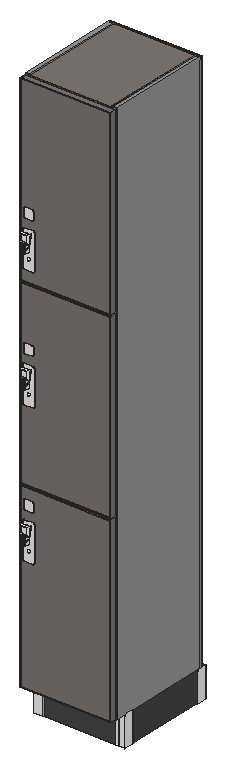
Revit family "Wood_Lockers_Hasps-Salsbury_Industries-43000_Series-1_Wide_Units.rfa", category Specialty Equipment, Revit 2016 (continued)
Definition of nested family "Premier Locker Doors_Hasp"
  Dimensions and locks (in)
    plane 48 to plane 30 "Center of Lock" to plane 47 = 0.188" locked, 0.188" locked
    locked: plane 46 "Top of Hole" to plane 49 "Bottom of Hole" at 1.25
    plane 49 "Bottom of Hole" to plane 50 "Stud Alignment" = 0.750"
    locked: plane 42 to plane 51 "Center of Handle" at 0.625
    plane 52 to plane 51 "Center of Handle" to plane 53 = 0.188" locked, 0.188" locked
    plane 7 "Front of Door" to plane 39 "Front of Knob" = 0.750"
    locked: plane 42 to plane 54 at 0.22204
    locked: plane 55 to plane 45 at 0.22204
    locked: plane 7 "Front of Door" to plane 56 "Front of Latch" at 0.625
    locked: plane 57 to plane 58 at 1
    locked: plane 46 "Top of Hole" to plane 57 at 0.1281
    equal spacing: plane 58, plane 59, plane 57
    locked: plane 60 to plane 5 "Right Side of Door" at 0.594
    locked: plane 57 to plane 61 at 0.0599
    locked: plane 62 to plane 58 at 0.06376
    plane 12 "Bottom of Number Tag" to plane 20 "Top of Lock" = 1.1875"
    aligned and locked: level to plane 2
    aligned and locked: Extrusion 5 to plane 11 "Top of Number Tag"
    aligned and locked: plane 12 "Bottom of Number Tag" to Extrusion 5
    aligned and locked: Extrusion 5 to plane 14 "Right Side of Number Tag"
    aligned and locked: Extrusion 5 to plane 13 "Left Side of Number Tag"
    aligned and locked: plane 29 "Back of Number Plate Inset" to Extrusion 5
    aligned and locked: plane 7 "Front of Door" to Extrusion 5
    aligned and locked: plane 29 "Back of Number Plate Inset" to Extrusion 6
    aligned and locked: plane 7 "Front of Door" to Extrusion 6
    aligned and locked: Extrusion 6 to plane 14 "Right Side of Number Tag"
    aligned and locked: Extrusion 6 to plane 13 "Left Side of Number Tag"
    aligned and locked: Extrusion 6 to plane 11 "Top of Number Tag"
    aligned and locked: plane 12 "Bottom of Number Tag" to Extrusion 6
    aligned and locked: curve 9 to Extrusion 8
    aligned and locked: curve 10 to Extrusion 8
    aligned and locked: curve 11 to Extrusion 8
    aligned and locked: Extrusion 7 to curve 12
    aligned and locked: curve 14 to Extrusion 7
    aligned and locked: curve 16 to plane 7 "Front of Door"
    aligned and locked: curve 19 to Extrusion 8  (x2)
    aligned and locked: curve 21 to Extrusion 8
    aligned and locked: curve 18 to curve 22
    aligned and locked: curve 22 to Extrusion 9  (x2)
    aligned and locked: curve 24 to Extrusion 9
    aligned and locked: curve 25 to Extrusion 10
    aligned and locked: curve 26 to Extrusion 10
    aligned and locked: curve 27 to Extrusion 10
    aligned and locked: plane 20 "Top of Lock" to Extrusion 11 sketch curve
    aligned and locked: Extrusion 11 sketch curve to plane 21 "Bottom of Lock"
    aligned and locked: Extrusion 11 to plane 29 "Back of Number Plate Inset"
    aligned and locked: plane 7 "Front of Door" to Extrusion 11
    aligned and locked: Extrusion 3 to Extrusion 11
    aligned and locked: plane 50 "Stud Alignment" to Sweep 14  (x2)
    aligned and locked: Extrusion 15 to plane 7 "Front of Door"
    aligned and locked: Extrusion 15 to plane 22 "Front of Hasp Stud"
    aligned and locked: plane 50 "Stud Alignment" to Extrusion 15
    aligned and locked: Blend 17 to plane 39 "Front of Knob"
    aligned and locked: plane 38 "Inner Knob" to Blend 17
    aligned and locked: plane 6 "Back of Door" to Extrusion 18 sketch curve
    aligned and locked: plane 56 "Front of Latch" to Extrusion 18 sketch curve
    aligned and locked: Extrusion 18 to plane 57
    aligned and locked: plane 58 to Extrusion 18
    aligned and locked: plane 59 to cut or joined group of Extrusion 18, Extrusion 19
    aligned and locked: plane 61 to Extrusion 13 sketch curve  (x2)
    aligned and locked: plane 62 to Extrusion 13 sketch curve  (x2)
  Automatic sketch dimensions
    Extrusion 1 sketch curve to plane 4 "Left Side of Door" = 0.031"
    plane 5 "Right Side of Door" to Extrusion 1 sketch curve = 0.031"
    level to Extrusion 1 sketch curve = 0.031"
    plane 9 "Top of Door" to Extrusion 1 sketch curve = 0.031"
    Extrusion 2 sketch curve to plane 4 "Left Side of Door" = 0.031"
    plane 5 "Right Side of Door" to Extrusion 2 sketch curve = 0.031"
    level to Extrusion 2 sketch curve = 0.031"
    plane 9 "Top of Door" to Extrusion 2 sketch curve = 0.031"
    Extrusion 3 sketch curve to plane 4 "Left Side of Door" = 0.031"
    plane 5 "Right Side of Door" to Extrusion 3 sketch curve = 0.031"
    level to Extrusion 3 sketch curve = 0.031"
    plane 9 "Top of Door" to Extrusion 3 sketch curve = 0.031"
    plane 23 "Left Side of Door-Right Side of Trim" to Sweep 4 sketch curve = 0.000"
    plane 24 "Right Side of Door-Left Side of Trim" to Sweep 4 sketch curve = 0.000"  (x2)
    Sweep 4 sketch curve to plane 26 "Bottom of Door-Top of Trim" = 0.000"
    Sweep 4 sketch curve to plane 25 "Top of Door-Bottom of Trim" = 0.000"
    profile plane to Sweep 4 sketch curve = 0.125"
    Sweep 4 sketch curve to Sweep 4 sketch curve = 0.031"
    Sweep 4 sketch curve to plane 1 "Center (Front/Back)" = 0.375"
    plane 1 "Center (Front/Back)" to Sweep 4 sketch curve = 0.375"
    Extrusion 7 sketch curve to plane 33 = 0.000"
    Extrusion 7 sketch curve to plane 34 = 0.000"
    plane 36 to Extrusion 8 sketch curve = 0.000"
    Extrusion 8 sketch curve to Extrusion 8 sketch curve = 0.500"
    plane 35 "Top Hinge" to Extrusion 8 sketch curve = 0.250"
    Extrusion 8 sketch curve to plane 35 "Top Hinge" = 0.250"
    plane 36 to Extrusion 9 sketch curve = 0.000"
    Extrusion 9 sketch curve to Extrusion 9 sketch curve = 0.500"
    plane 37 "Bottom Hinge" to Extrusion 9 sketch curve = 0.250"
    Extrusion 9 sketch curve to plane 37 "Bottom Hinge" = 0.250"
    plane 36 to Extrusion 10 sketch curve = 0.000"
    Extrusion 10 sketch curve to Extrusion 10 sketch curve = 0.500"
    curve 4 to level = 0.000"
    plane 4 "Left Side of Door" to curve 4 = 0.000"
    plane 5 "Right Side of Door" to curve 3 = 0.000"
    curve 3 to plane 9 "Top of Door" = 0.000"
    Extrusion 5 sketch curve to plane 13 "Left Side of Number Tag" = 0.000"
    Extrusion 5 sketch curve to plane 12 "Bottom of Number Tag" = 0.000"
    Extrusion 5 sketch curve to plane 11 "Top of Number Tag" = 0.000"
    Extrusion 5 sketch curve to plane 14 "Right Side of Number Tag" = 0.000"
    Extrusion 6 sketch curve to plane 13 "Left Side of Number Tag" = 0.000"
    Extrusion 6 sketch curve to plane 12 "Bottom of Number Tag" = 0.000"
    Extrusion 6 sketch curve to plane 11 "Top of Number Tag" = 0.000"
    Extrusion 6 sketch curve to plane 14 "Right Side of Number Tag" = 0.000"
    Extrusion 11 sketch curve to plane 13 "Left Side of Number Tag" = 0.125"
    Extrusion 10 sketch curve to plane 10 "Center of Door" = 0.250"
    plane 10 "Center of Door" to Extrusion 10 sketch curve = 0.250"
    Extrusion 11 sketch curve to plane 21 "Bottom of Lock" = 0.125"
    plane 13 "Left Side of Number Tag" to Extrusion 5 sketch curve = 0.14916"
    Extrusion 5 sketch curve to Extrusion 5 sketch curve = 0.14916"  (x2)
    plane 13 "Left Side of Number Tag" to Extrusion 6 sketch curve = 0.14916"
    Extrusion 6 sketch curve to plane 12 "Bottom of Number Tag" = 0.14916"
    plane 13 "Left Side of Number Tag" to Extrusion 11 sketch curve = 0.000"  (x2)
    Extrusion 5 sketch curve to plane 12 "Bottom of Number Tag" = 0.14916"
    Extrusion 6 sketch curve to plane 14 "Right Side of Number Tag" = 0.14916"  (x2)
    plane 14 "Right Side of Number Tag" to Extrusion 11 sketch curve = 0.000"  (x2)
    Extrusion 12 sketch curve to plane 17 "Left Side of Lock" = 0.000"
    plane 13 "Left Side of Number Tag" to Extrusion 12 sketch curve = 0.000"  (x2)
    plane 14 "Right Side of Number Tag" to Extrusion 12 sketch curve = 0.000"  (x2)
    Extrusion 12 sketch curve to plane 20 "Top of Lock" = 0.000"
    Extrusion 12 sketch curve to plane 18 "Right Side of Lock" = 0.000"
    Extrusion 12 sketch curve to plane 21 "Bottom of Lock" = 0.125"
    plane 15 "Horizontal Center of Number Tag" to Sweep 14 sketch curve = 0.000"
    Sweep 14 sketch curve to plane 50 "Stud Alignment" = 0.000"
    Sweep 14 sketch curve to plane 7 "Front of Door" = 0.000"
    Sweep 14 sketch curve to profile plane = 0.000"
    profile plane to Sweep 14 sketch curve = 0.00168"
    profile plane to Sweep 14 sketch curve = 0.156"
    Sweep 14 sketch curve to plane 7 "Front of Door" = 0.03275"
    Extrusion 15 sketch curve to Extrusion 15 sketch curve = 0.000"  (x2)
    Extrusion 15 sketch curve to plane 50 "Stud Alignment" = 0.000"
    plane 15 "Horizontal Center of Number Tag" to Extrusion 15 sketch curve = 0.000"
    plane 15 "Horizontal Center of Number Tag" to Extrusion 15 sketch curve = 0.010"
    plane 13 "Left Side of Number Tag" to Sweep 16 sketch curve = 0.000"
    plane 14 "Right Side of Number Tag" to Sweep 16 sketch curve = 0.000"
    Sweep 16 sketch curve to plane 45 = 0.000"
    Sweep 16 sketch curve to plane 42 = 0.000"
    Sweep 16 sketch curve to plane 7 "Front of Door" = 0.000"
    profile plane to Sweep 16 sketch curve = 0.000"
    profile plane to Sweep 16 sketch curve = 0.22043"
    Sweep 16 sketch curve to Sweep 16 sketch curve = 0.01681"
    profile plane to Sweep 16 sketch curve = 0.33926"
    Sweep 16 sketch curve to Sweep 16 sketch curve = 0.14344"
    Sweep 16 sketch curve to Sweep 16 sketch curve = 0.15329"
    Sweep 16 sketch curve to Sweep 16 sketch curve = 0.59563"
    Sweep 16 sketch curve to Sweep 16 sketch curve = 0.24142"
    Sweep 16 sketch curve to Sweep 16 sketch curve = 0.00858"
    Sweep 16 sketch curve to Sweep 16 sketch curve = 0.51788"
    Sweep 16 sketch curve to Sweep 16 sketch curve = 0.31119"
    Sweep 16 sketch curve to Sweep 16 sketch curve = 0.11721"
    Sweep 16 sketch curve to Sweep 16 sketch curve = 0.01742"
    Sweep 16 sketch curve to Sweep 16 sketch curve = 0.06553"
    Sweep 16 sketch curve to Sweep 16 sketch curve = 0.000"
    Blend 17 sketch curve to plane 54 = 0.000"
    Blend 17 sketch curve to plane 55 = 0.000"
    Blend 17 sketch curve to plane 47 = 0.21496"
    plane 48 to Blend 17 sketch curve = 0.21496"
    plane 54 to Blend 17 sketch curve = 0.03267"
    Blend 17 sketch curve to plane 40 = 0.00461"
    Blend 17 sketch curve to plane 47 = 0.18235"
    plane 48 to Blend 17 sketch curve = 0.18227"
    Extrusion 18 sketch curve to plane 57 = 0.000"
    Extrusion 18 sketch curve to plane 58 = 0.000"
    plane 59 to Extrusion 19 sketch curve = 0.000"
    Extrusion 19 sketch curve to plane 22 "Front of Hasp Stud" = 0.16637"
    curve 29 to plane 14 "Right Side of Number Tag" = 0.000"
    curve 29 to plane 20 "Top of Lock" = 0.000"
    curve 30 to plane 18 "Right Side of Lock" = 0.000"
    curve 29 to plane 13 "Left Side of Number Tag" = 0.000"
    curve 31 to plane 42 = 0.000"
    curve 32 to plane 21 "Bottom of Lock" = 0.125"
    curve 34 to plane 14 "Right Side of Number Tag" = 0.000"
    curve 35 to plane 13 "Left Side of Number Tag" = 0.000"
    plane 15 "Horizontal Center of Number Tag" to curve 37 = 0.000"
    plane 47 to curve 37 = 0.000"
    plane 57 to curve 37 = 0.0599"
    curve 39 to plane 58 = 0.0661"
    curve 42 to plane 14 "Right Side of Number Tag" = 0.000"
    curve 41 to plane 13 "Left Side of Number Tag" = 0.000"
    curve 41 to plane 45 = 0.000"
    curve 43 to plane 42 = 0.000"
    curve 46 to plane 57 = 0.000"
    curve 46 to plane 15 "Horizontal Center of Number Tag" = 0.063"
    plane 15 "Horizontal Center of Number Tag" to curve 45 = 0.063"
    curve 47 to plane 58 = 0.000"
    curve 15 to plane 6 "Back of Door" = 0.000"
    plane 9 "Top of Door" to curve 15 = 0.000"
    plane 57 to curve 49 = 0.000"
    curve 51 to plane 56 "Front of Latch" = 0.000"
    plane 58 to curve 51 = 0.000"
    curve 17 to level = 0.000"
    plane 59 to curve 52 = 0.000"
    curve 53 to plane 22 "Front of Hasp Stud" = 0.16637"
    plane 7 "Front of Door" to curve 53 = 0.04137"
    plane 53 to curve 54 = 0.05633"
    curve 54 to plane 22 "Front of Hasp Stud" = 0.11642"
    plane 55 to curve 55 = 0.00161"
    curve 55 to plane 40 = 0.00465"
    plane 45 to curve 56 = 0.000"
    curve 56 to plane 39 "Front of Knob" = 0.01788"
    curve 56 to plane 40 = 0.08926"
    plane 55 to curve 57 = 0.000"
    curve 57 to plane 40 = 0.03757"
    plane 39 "Front of Knob" to curve 57 = 0.004"
    plane 42 to curve 60 = 0.000"
    curve 58 to plane 39 "Front of Knob" = 0.000"
    plane 54 to curve 58 = 0.000"
    plane 54 to curve 59 = 0.000"
    plane 55 to curve 58 = 0.000"
    curve 60 to plane 39 "Front of Knob" = 0.01788"
    curve 60 to plane 52 = 0.09774"
    plane 54 to curve 60 = 0.03261"
    plane 56 "Front of Latch" to curve 59 = 0.02711"
    plane 54 to curve 59 = 0.06553"
    plane 39 "Front of Knob" to curve 59 = 0.004"
    curve 61 to plane 54 = 0.00161"
    curve 61 to plane 22 "Front of Hasp Stud" = 0.11642"
    plane 6 "Back of Door" to curve 9 = 0.000"
    curve 6 to plane 4 "Left Side of Door" = 0.000"
    plane 7 "Front of Door" to curve 6 = 0.000"
    plane 7 "Front of Door" to curve 28 = 0.000"
    curve 67 to plane 14 "Right Side of Number Tag" = 0.000"
    curve 65 to plane 13 "Left Side of Number Tag" = 0.000"
    curve 66 to plane 39 "Front of Knob" = 0.000"
    curve 28 to plane 17 "Left Side of Lock" = 0.000"
    curve 28 to plane 18 "Right Side of Lock" = 0.000"
    curve 8 to plane 5 "Right Side of Door" = 0.000"
    curve 64 to plane 22 "Front of Hasp Stud" = 0.11642"
    curve 69 to plane 22 "Front of Hasp Stud" = 0.11642"
    curve 68 to plane 39 "Front of Knob" = 0.01788"
    curve 65 to plane 39 "Front of Knob" = 0.01788"
    curve 14 to plane 23 "Left Side of Door-Right Side of Trim" = 0.07537"
    plane 48 to curve 64 = 0.21657"
    plane 48 to curve 65 = 0.09774"
    plane 48 to curve 63 = 0.05633"
    curve 70 to plane 47 = 0.05633"
    curve 68 to plane 47 = 0.09774"
    curve 69 to curve 69 = 0.16024"
    curve 64 to curve 65 = 0.15655"
    curve 69 to curve 68 = 0.15655"
    plane 39 "Front of Knob" to curve 67 = 0.004"
    plane 33 to curve 14 = 0.250"
    curve 66 to curve 65 = 0.11721"
    curve 67 to plane 47 = 0.14943"
    curve 68 to curve 66 = 0.11721"
    curve 67 to curve 66 = 0.000"
    plane 39 "Front of Knob" to curve 71 = 0.004"
    curve 71 to curve 66 = 0.000"
    plane 48 to curve 71 = 0.14943"
    plane 1 "Center (Front/Back)" to curve 73 = 0.000"
    curve 73 to plane 4 "Left Side of Door" = 0.000"
    curve 73 to plane 60 = 0.000"
    plane 48 to Extrusion 13 sketch curve = 0.000"
    plane 15 "Horizontal Center of Number Tag" to Extrusion 13 sketch curve = 0.000"
    radius of Extrusion 7 sketch curve = 0.250"
    radius of Sweep 14 sketch curve = 0.010"
    radius of Extrusion 19 sketch curve = 0.250"
Definition of nested family "Wood Locker Bases"
  Parameters (values of type "Base - 12" W x 15" D Lockers")
    Width = 12.000"
    Visible Base = yes
    Visible = no
    Model = "Base - 12\" W x 15\" D Lockers"
    Manufacturer = "Salsbury Industries"
    Height = 4.000"
    Depth = 13.250"
    Base Secondary Material = none
    Base Primary Materials = none
    Base Hardware = none
  Types (14): name | Width | Visible Base | Visible | Model | Depth
    (no name) | 12.000" | yes | no | "Base - 12\" W x 15\" D Lockers" | 13.250"
    Base - 12" W x 15" D Lockers | 12.000" | yes | no | "Base - 12\" W x 15\" D Lockers" | 13.250"
    Base - 12" W x 18" D Lockers | 12.000" | yes | no | "Base - 12\" W x 18\" D Lockers" | 16.250"
    Base - 12" W x 21" D Lockers | 12.000" | yes | no | "Base - 12\" W x 21\" D Lockers" | 19.250"
    Base - 36" W x 15" D Lockers | 36.000" | yes | yes | "Base - 36\" W x 15\" D Lockers" | 13.250"
    Base - 36" W x 18" D Lockers | 36.000" | yes | yes | "Base - 36\" W x 18\" D Lockers" | 16.250"
    Base - 36" W x 21" D Lockers | 36.000" | yes | yes | "Base - 36\" W x 21\" D Lockers" | 19.250"
    Base - 15" W x 18" D Lockers | 15.000" | yes | no | "Base - 15\" W x 18\" D Lockers" | 16.250"
    Base - 15" W x 21" D Lockers | 15.000" | yes | no | "Base - 15\" W x 21\" D Lockers" | 19.250"
    Base - 15" W x 24" D Lockers | 15.000" | yes | no | "Base - 15\" W x 24\" D Lockers" | 22.250"
    Base - 45" W x 18" D Lockers | 45.000" | yes | yes | "Base - 45\" W x 18\" D Lockers" | 16.250"
    Base - 45" W x 21" D Lockers | 45.000" | yes | yes | "Base - 45\" W x 21\" D Lockers" | 19.250"
    Base - 45" W x 24" D Lockers | 45.000" | yes | yes | "Base - 45\" W x 24\" D Lockers" | 22.250"
    None | 12.000" | no | no | "Base - 12\" W x 15\" D Lockers" | 13.250"
  Reference planes (in)
    plane 1 "Center (Front/Back)": y = 0
    plane 2: z = 0
    plane 3 "Center (Left/Right)": x = 0
    plane 4 "Left Edge": x = -6
    plane 5 "Right Edge": x = 6
    plane 6 "Back Edge": y = 6.625
    plane 7 "Front Edge": y = -6.625
    plane 8 "Bottom Edge": z = 0
    plane 9 "Top Edge": z = 4
    plane 10: x = -4.75
    plane 11: x = -4.102
    plane 12: y = 6.562
    plane 13: y = 5.8
    plane 14: x = -5.131
    plane 15: x = -5.256
    plane 16: x = -5.937
    plane 17: x = -5.175
    plane 18: y = 4.727
    plane 19: y = 5.375
    plane 20: y = 5.756
    plane 21: y = 5.881
    plane 22: x = -5.931
    plane 23: x = 5.931
    plane 24: y = 6.556
    plane 25: y = -6.556
    plane 26: y = 6.525
    plane 27: y = -6.525
    plane 28: x = -5.9
    plane 29: x = 5.9
    plane 30: x = -2.375
    plane 31: x = 2.375
  Forms (in)
    Extrusion 1, solid, material <- "Base Hardware", visible <- "Visible Base"
      sketch origin (0, 0, 0) x (1, 0, 0) y (0, 1, 0)
        loop
          arc (-5.96712, 6.625) -> (-5.99098, 6.61598) -> (-6, 6.59212) r 0.031
          line (-6, 6.59212) -> (-6, 5.4065)
          arc (-6, 5.4065) -> (-5.9685, 5.375) -> (-5.937, 5.4065) r 0.0315
          line (-5.937, 5.4065) -> (-5.937, 5.756) -> (-5.837, 5.756) -> (-5.837, 5.819) -> (-5.937, 5.819) -> (-5.937, 6.51465) -> (-5.256, 5.83365) -> (-5.256, 5.756) -> (-5.175, 5.756) -> (-5.175, 4.75833)
          arc (-5.175, 4.75833) -> (-5.14367, 4.727) -> (-5.11235, 4.75833) r 0.03133
          line (-5.11235, 4.75833) -> (-5.11235, 5.73703) -> (-4.13348, 5.73703)
          arc (-4.13348, 5.73703) -> (-4.102, 5.76852) -> (-4.13348, 5.8) r 0.03148
          line (-4.13348, 5.8) -> (-5.131, 5.8) -> (-5.131, 5.881) -> (-5.21422, 5.881) -> (-5.89522, 6.562) -> (-5.194, 6.562) -> (-5.194, 6.462) -> (-5.131, 6.462) -> (-5.131, 6.562) -> (-4.7814, 6.562)
          arc (-4.7814, 6.562) -> (-4.7499, 6.5935) -> (-4.7814, 6.625) r 0.0315
          line (-4.7814, 6.625) -> (-5.96712, 6.625)
      from 0 to 4
    Extrusion 2, solid, material <- "Base Hardware", visible <- "Visible Base"
      sketch origin (0, 0, 0) x (-1, 0, 0) y (0, -1, 0)
        loop
          line (-5.96712, -6.625) -> (-4.7814, -6.625)
          arc (-4.7814, -6.625) -> (-4.7499, -6.5935) -> (-4.7814, -6.562) r 0.0315
          line (-4.7814, -6.562) -> (-5.131, -6.562) -> (-5.131, -6.462) -> (-5.194, -6.462) -> (-5.194, -6.562) -> (-5.89522, -6.562) -> (-5.21422, -5.881) -> (-5.131, -5.881) -> (-5.131, -5.8) -> (-4.13348, -5.8)
          arc (-4.13348, -5.8) -> (-4.102, -5.76852) -> (-4.13348, -5.73703) r 0.03148
          line (-4.13348, -5.73703) -> (-5.11235, -5.73703) -> (-5.11235, -4.75833)
          arc (-5.11235, -4.75833) -> (-5.14367, -4.727) -> (-5.175, -4.75833) r 0.03133
          line (-5.175, -4.75833) -> (-5.175, -5.756) -> (-5.256, -5.756) -> (-5.256, -5.83365) -> (-5.937, -6.51465) -> (-5.937, -5.819) -> (-5.837, -5.819) -> (-5.837, -5.756) -> (-5.937, -5.756) -> (-5.937, -5.4065)
          arc (-5.937, -5.4065) -> (-5.9685, -5.375) -> (-6, -5.4065) r 0.0315
          line (-6, -5.4065) -> (-6, -6.59212)
          arc (-6, -6.59212) -> (-5.99098, -6.61598) -> (-5.96712, -6.625) r 0.031
      from 0 to 4
    Extrusion 3, solid, material <- "Base Hardware", visible <- "Visible Base"
      sketch origin (0, 0, 0) x (1, 0, 0) y (0, 1, 0)
        loop
          line (-5.96712, -6.625) -> (-4.7814, -6.625)
          arc (-4.7814, -6.625) -> (-4.7499, -6.5935) -> (-4.7814, -6.562) r 0.0315
          line (-4.7814, -6.562) -> (-5.131, -6.562) -> (-5.131, -6.462) -> (-5.194, -6.462) -> (-5.194, -6.562) -> (-5.89522, -6.562) -> (-5.21422, -5.881) -> (-5.131, -5.881) -> (-5.131, -5.8) -> (-4.13348, -5.8)
          arc (-4.13348, -5.8) -> (-4.102, -5.76852) -> (-4.13348, -5.73703) r 0.03148
          line (-4.13348, -5.73703) -> (-5.11235, -5.73703) -> (-5.11235, -4.75833)
          arc (-5.11235, -4.75833) -> (-5.14367, -4.727) -> (-5.175, -4.75833) r 0.03133
          line (-5.175, -4.75833) -> (-5.175, -5.756) -> (-5.256, -5.756) -> (-5.256, -5.83365) -> (-5.937, -6.51465) -> (-5.937, -5.819) -> (-5.837, -5.819) -> (-5.837, -5.756) -> (-5.937, -5.756) -> (-5.937, -5.4065)
          arc (-5.937, -5.4065) -> (-5.9685, -5.375) -> (-6, -5.4065) r 0.0315
          line (-6, -5.4065) -> (-6, -6.59212)
          arc (-6, -6.59212) -> (-5.99098, -6.61598) -> (-5.96712, -6.625) r 0.031
      from 0 to 4
    Extrusion 4, solid, material <- "Base Hardware", visible <- "Visible Base"
      sketch origin (0, 0, 0) x (-1, 0, 0) y (0, -1, 0)
        loop
          arc (-5.96712, 6.625) -> (-5.99098, 6.61598) -> (-6, 6.59212) r 0.031
          line (-6, 6.59212) -> (-6, 5.4065)
          arc (-6, 5.4065) -> (-5.9685, 5.375) -> (-5.937, 5.4065) r 0.0315
          line (-5.937, 5.4065) -> (-5.937, 5.756) -> (-5.837, 5.756) -> (-5.837, 5.819) -> (-5.937, 5.819) -> (-5.937, 6.51465) -> (-5.256, 5.83365) -> (-5.256, 5.756) -> (-5.175, 5.756) -> (-5.175, 4.75833)
          arc (-5.175, 4.75833) -> (-5.14367, 4.727) -> (-5.11235, 4.75833) r 0.03133
          line (-5.11235, 4.75833) -> (-5.11235, 5.73703) -> (-4.13348, 5.73703)
          arc (-4.13348, 5.73703) -> (-4.102, 5.76852) -> (-4.13348, 5.8) r 0.03148
          line (-4.13348, 5.8) -> (-5.131, 5.8) -> (-5.131, 5.881) -> (-5.21422, 5.881) -> (-5.89522, 6.562) -> (-5.194, 6.562) -> (-5.194, 6.462) -> (-5.131, 6.462) -> (-5.131, 6.562) -> (-4.7814, 6.562)
          arc (-4.7814, 6.562) -> (-4.7499, 6.5935) -> (-4.7814, 6.625) r 0.0315
          line (-4.7814, 6.625) -> (-5.96712, 6.625)
      from 0 to 4
    Extrusion 5, solid, material <- "Base Secondary Material", visible <- "Visible Base"
      sketch origin (0, 0, 0) x (0, -1, 0) y (1, 0, 0)
        loop
          line (-5.756, 5.9) -> (-5.756, 5.181) -> (5.75697, 5.181) -> (5.75697, 5.9) -> (-5.756, 5.9)
      from 0 to 4
    Extrusion 6, solid, material <- "Base Secondary Material", visible <- "Visible Base"
      sketch origin (0, 0, 0) x (0, -1, 0) y (1, 0, 0)
        loop
          line (-5.756, -5.9) -> (5.75697, -5.9) -> (5.75697, -5.181) -> (-5.756, -5.181) -> (-5.756, -5.9)
      from 0 to 4
    Extrusion 7, solid, material <- "Base Secondary Material", visible <- "Visible Base"
      sketch origin (-2.05521, 0.625, 0) x (1, 0, 0) y (0, 1, 0)
        loop
          line (-3.07579, 5.9) -> (-3.07579, 5.181) -> (7.18621, 5.181) -> (7.18621, 5.9) -> (-3.07579, 5.9)
      from 0 to 4
    Extrusion 8, solid, material <- "Base Secondary Material", visible <- "Visible Base"
      sketch origin (-2.05521, -0.625, 0) x (1, 0, 0) y (0, 1, 0)
        loop
          line (-3.07579, -5.9) -> (7.18621, -5.9) -> (7.18621, -5.181) -> (-3.07579, -5.181) -> (-3.07579, -5.9)
      from 0 to 4
    Extrusion 9, solid, material <- "Base Primary Materials", visible <- "Visible Base"
      sketch origin (0.76452, 0, 0) x (0, -1, 0) y (1, 0, 0)
        loop
          line (-5.756, 5.16648) -> (-5.756, 5.13548) -> (5.75697, 5.13548) -> (5.75697, 5.16648) -> (-5.756, 5.16648)
      from 0 to 4
    Extrusion 10, solid, material <- "Base Primary Materials", visible <- "Visible Base"
      sketch origin (-0.719, 0, 0) x (0, -1, 0) y (1, 0, 0)
        loop
          line (-5.756, -5.212) -> (5.75697, -5.212) -> (5.75697, -5.181) -> (-5.756, -5.181) -> (-5.756, -5.212)
      from 0 to 4
    Extrusion 11, solid, material <- "Base Primary Materials", visible <- "Visible Base"
      sketch origin (-2.05521, 1.344, 0) x (1, 0, 0) y (0, 1, 0)
        loop
          line (-3.07579, 5.218) -> (-3.07579, 5.181) -> (7.18621, 5.181) -> (7.18621, 5.218) -> (-3.07579, 5.218)
      from 0 to 4
    Extrusion 12, solid, material <- "Base Primary Materials", visible <- "Visible Base"
      sketch origin (-2.05521, -1.344, 0) x (1, 0, 0) y (0, 1, 0)
        loop
          line (-3.07579, -5.212) -> (7.18621, -5.212) -> (7.18621, -5.181) -> (-3.07579, -5.181) -> (-3.07579, -5.212)
      from 0 to 4
    Extrusion 13, solid, material <- "Base Secondary Material", visible <- "Visible"
      sketch origin (0, 0, 4) x (0, -1, 0) y (1, 0, 0)
        loop
          line (-5.806, -2.375) -> (5.806, -2.375) -> (5.806, 2.375) -> (-5.806, 2.375) -> (-5.806, -2.375)
      from 0 to -0.75
    Extrusion 14, solid, material <- "Base Secondary Material", visible <- "Visible"
      sketch origin (0, 0, 0) x (0, -1, 0) y (1, 0, 0)
        loop
          line (-5.806, -2.375) -> (-5.056, -2.375) -> (-5.056, 2.375) -> (-5.806, 2.375) -> (-5.806, -2.375)
      from 0 to 3.25
    Extrusion 15, solid, material <- "Base Secondary Material", visible <- "Visible"
      sketch origin (0, 0, 0) x (0, 1, 0) y (-1, 0, 0)
        loop
          line (-5.806, 2.375) -> (-5.806, -2.375) -> (-5.056, -2.375) -> (-5.056, 2.375) -> (-5.806, 2.375)
      from 0 to 3.25
  Dimensions and locks (in)
    equal spacing: plane 4 "Left Edge", plane 3 "Center (Left/Right)", plane 5 "Right Edge"
    "Width": plane 4 "Left Edge" to plane 5 "Right Edge"
    equal spacing: plane 7 "Front Edge", plane 1 "Center (Front/Back)", plane 6 "Back Edge"
    "Depth": plane 7 "Front Edge" to plane 6 "Back Edge"
    "Height": plane 9 "Top Edge" to plane 8 "Bottom Edge"
    locked: plane 4 "Left Edge" to plane 10 at 1.25
    locked: plane 4 "Left Edge" to plane 11 at 1.898
    locked: plane 12 to plane 6 "Back Edge" at 0.063
    plane 14 to plane 10 = 0.381"
    locked: plane 12 to plane 13 at 0.762
    locked: plane 4 "Left Edge" to plane 16 at 0.063
    locked: plane 16 to plane 17 at 0.762
    locked: plane 19 to plane 6 "Back Edge" at 1.25
    locked: plane 18 to plane 6 "Back Edge" at 1.898
    plane 15 to plane 17 = 0.081"
    plane 21 to plane 13 = 0.081"
    plane 19 to plane 20 = 0.381"
    plane 24 to plane 6 "Back Edge" = 0.069"
    plane 7 "Front Edge" to plane 25 = 0.069"
    plane 23 to plane 5 "Right Edge" = 0.069"
    plane 4 "Left Edge" to plane 22 = 0.069"
    plane 26 to plane 24 = 0.031"
    plane 25 to plane 27 = 0.031"
    plane 22 to plane 28 = 0.031"
    plane 29 to plane 23 = 0.031"
    plane 30 to plane 3 "Center (Left/Right)" to plane 31 = 2.375" locked, 2.375" locked
    aligned and locked: level to plane 2
    aligned and locked: plane 30 to Extrusion 13
    aligned and locked: plane 30 to Extrusion 14
    aligned and locked: plane 30 to Extrusion 15
    aligned and locked: Extrusion 13 to plane 31
    aligned and locked: Extrusion 14 to plane 31
    aligned and locked: Extrusion 15 to plane 31
  Automatic sketch dimensions
    Extrusion 1 sketch curve to plane 4 "Left Edge" = 0.000"
    plane 6 "Back Edge" to Extrusion 1 sketch curve = 0.000"
    Extrusion 1 sketch curve to plane 16 = 0.000"  (x2)
    Extrusion 1 sketch curve to plane 12 = 0.000"  (x2)
    plane 20 to Extrusion 1 sketch curve = 0.000"  (x2)
    Extrusion 1 sketch curve to plane 15 = 0.000"
    plane 21 to Extrusion 1 sketch curve = 0.000"
    Extrusion 1 sketch curve to plane 17 = 0.000"
    Extrusion 1 sketch curve to plane 14 = 0.000"  (x2)
    Extrusion 1 sketch curve to plane 13 = 0.000"
    Extrusion 1 sketch curve to plane 4 "Left Edge" = 0.03094"
    plane 16 to Extrusion 1 sketch curve = 0.03012"
    Extrusion 1 sketch curve to plane 28 = 0.00478"
    Extrusion 1 sketch curve to plane 28 = 0.063"
    plane 17 to Extrusion 1 sketch curve = 0.03922"
    plane 17 to Extrusion 1 sketch curve = 0.019"
    plane 14 to Extrusion 1 sketch curve = 0.01267"
    plane 10 to Extrusion 1 sketch curve = 0.0314"
    plane 11 to Extrusion 1 sketch curve = 0.03148"
    plane 20 to Extrusion 1 sketch curve = 0.01897"
    Extrusion 1 sketch curve to plane 19 = 0.0315"
    Extrusion 1 sketch curve to plane 18 = 0.03133"
    plane 13 to Extrusion 1 sketch curve = 0.019"
    plane 13 to Extrusion 1 sketch curve = 0.03365"
    plane 26 to Extrusion 1 sketch curve = 0.063"
    plane 26 to Extrusion 1 sketch curve = 0.01035"
    plane 12 to Extrusion 1 sketch curve = 0.03012"
    Extrusion 2 sketch curve to plane 5 "Right Edge" = 0.000"
    plane 6 "Back Edge" to Extrusion 2 sketch curve = 0.000"
    plane 20 to Extrusion 2 sketch curve = 0.000"  (x2)
    plane 12 to Extrusion 2 sketch curve = 0.000"  (x2)
    plane 21 to Extrusion 2 sketch curve = 0.000"
    plane 13 to Extrusion 2 sketch curve = 0.000"
    Extrusion 2 sketch curve to plane 5 "Right Edge" = 0.03094"
    Extrusion 2 sketch curve to Extrusion 2 sketch curve = 0.0315"
    Extrusion 2 sketch curve to Extrusion 2 sketch curve = 0.00194"
    plane 23 to Extrusion 2 sketch curve = 0.006"
    Extrusion 2 sketch curve to plane 29 = 0.00478"
    Extrusion 2 sketch curve to plane 29 = 0.063"
    Extrusion 2 sketch curve to plane 13 = 0.03365"
    Extrusion 2 sketch curve to Extrusion 2 sketch curve = 0.581"
    Extrusion 2 sketch curve to Extrusion 2 sketch curve = 0.04178"
    Extrusion 2 sketch curve to plane 26 = 0.063"
    Extrusion 2 sketch curve to Extrusion 2 sketch curve = 0.02022"
    plane 18 to Extrusion 2 sketch curve = 0.03133"
    Extrusion 2 sketch curve to plane 29 = 0.725"
    Extrusion 2 sketch curve to Extrusion 2 sketch curve = 0.03133"
    Extrusion 2 sketch curve to Extrusion 2 sketch curve = 0.063"
    Extrusion 2 sketch curve to Extrusion 2 sketch curve = 0.08322"
    Extrusion 2 sketch curve to Extrusion 2 sketch curve = 0.3496"
    Extrusion 2 sketch curve to Extrusion 2 sketch curve = 0.97886"
    plane 19 to Extrusion 2 sketch curve = 0.0315"
    Extrusion 2 sketch curve to plane 20 = 0.01897"
    Extrusion 2 sketch curve to plane 13 = 0.019"
    Extrusion 2 sketch curve to plane 26 = 0.01035"
    Extrusion 2 sketch curve to plane 12 = 0.03012"
    Extrusion 3 sketch curve to plane 4 "Left Edge" = 0.000"
    plane 7 "Front Edge" to Extrusion 3 sketch curve = 0.000"
    Extrusion 3 sketch curve to plane 16 = 0.000"  (x2)
    Extrusion 3 sketch curve to plane 15 = 0.000"
    Extrusion 3 sketch curve to plane 17 = 0.000"
    Extrusion 3 sketch curve to plane 14 = 0.000"  (x2)
    plane 4 "Left Edge" to Extrusion 3 sketch curve = 0.03094"
    Extrusion 3 sketch curve to plane 16 = 0.03012"
    plane 28 to Extrusion 3 sketch curve = 0.00478"
    plane 28 to Extrusion 3 sketch curve = 0.063"
    Extrusion 3 sketch curve to plane 17 = 0.03922"
    Extrusion 3 sketch curve to plane 17 = 0.019"
    Extrusion 3 sketch curve to plane 14 = 0.01267"
    Extrusion 3 sketch curve to plane 25 = 0.006"  (x2)
    Extrusion 3 sketch curve to plane 10 = 0.0314"
    Extrusion 3 sketch curve to plane 11 = 0.03148"
    plane 27 to Extrusion 3 sketch curve = 0.01035"
    plane 27 to Extrusion 3 sketch curve = 0.063"
    Extrusion 3 sketch curve to Extrusion 3 sketch curve = 0.581"
    Extrusion 3 sketch curve to Extrusion 3 sketch curve = 0.04735"
    Extrusion 3 sketch curve to Extrusion 3 sketch curve = 0.01465"
    Extrusion 3 sketch curve to Extrusion 3 sketch curve = 0.081"
    Extrusion 3 sketch curve to Extrusion 3 sketch curve = 0.03148"
    Extrusion 3 sketch curve to Extrusion 3 sketch curve = 0.044"
    Extrusion 3 sketch curve to Extrusion 3 sketch curve = 0.063"
    Extrusion 3 sketch curve to Extrusion 3 sketch curve = 0.3495"
    Extrusion 3 sketch curve to Extrusion 3 sketch curve = 0.97871"
    plane 7 "Front Edge" to Extrusion 3 sketch curve = 0.03288"
    Extrusion 4 sketch curve to plane 5 "Right Edge" = 0.000"
    plane 7 "Front Edge" to Extrusion 4 sketch curve = 0.000"
    plane 5 "Right Edge" to Extrusion 4 sketch curve = 0.03094"
    Extrusion 4 sketch curve to Extrusion 4 sketch curve = 0.0315"
    Extrusion 4 sketch curve to Extrusion 4 sketch curve = 0.00194"
    Extrusion 4 sketch curve to plane 23 = 0.006"
    plane 29 to Extrusion 4 sketch curve = 0.00478"
    plane 29 to Extrusion 4 sketch curve = 0.063"
    Extrusion 4 sketch curve to Extrusion 4 sketch curve = 0.581"
    Extrusion 4 sketch curve to Extrusion 4 sketch curve = 0.04178"
    Extrusion 4 sketch curve to plane 27 = 0.063"
    Extrusion 4 sketch curve to Extrusion 4 sketch curve = 0.02022"
    plane 29 to Extrusion 4 sketch curve = 0.725"
    Extrusion 4 sketch curve to Extrusion 4 sketch curve = 0.03133"
    Extrusion 4 sketch curve to Extrusion 4 sketch curve = 0.063"  (x2)
    Extrusion 4 sketch curve to Extrusion 4 sketch curve = 0.08322"
    plane 25 to Extrusion 4 sketch curve = 0.006"  (x2)
    Extrusion 4 sketch curve to Extrusion 4 sketch curve = 0.3496"
    Extrusion 4 sketch curve to plane 27 = 0.725"
    Extrusion 4 sketch curve to Extrusion 4 sketch curve = 0.97886"
    Extrusion 4 sketch curve to Extrusion 4 sketch curve = 0.03148"
    Extrusion 4 sketch curve to Extrusion 4 sketch curve = 0.044"
    Extrusion 4 sketch curve to Extrusion 4 sketch curve = 0.000"
    Extrusion 4 sketch curve to Extrusion 4 sketch curve = 0.3495"
    Extrusion 4 sketch curve to Extrusion 4 sketch curve = 0.97871"
    Extrusion 4 sketch curve to Extrusion 4 sketch curve = 0.07765"
    Extrusion 4 sketch curve to Extrusion 4 sketch curve = 0.081"
    Extrusion 4 sketch curve to plane 27 = 0.01035"
    Extrusion 4 sketch curve to plane 7 "Front Edge" = 0.03288"
    plane 20 to Extrusion 5 sketch curve = 0.000"
    Extrusion 5 sketch curve to plane 29 = 0.000"
    Extrusion 5 sketch curve to plane 27 = 0.76803"
    plane 29 to Extrusion 5 sketch curve = 0.719"
    plane 20 to Extrusion 6 sketch curve = 0.000"
    Extrusion 6 sketch curve to plane 28 = 0.000"
    plane 27 to Extrusion 6 sketch curve = 0.76803"
    Extrusion 6 sketch curve to plane 17 = 0.006"
    Extrusion 7 sketch curve to plane 14 = 0.000"
    plane 26 to Extrusion 7 sketch curve = 0.000"
    plane 29 to Extrusion 7 sketch curve = 0.769"
    plane 13 to Extrusion 7 sketch curve = 0.006"
    Extrusion 8 sketch curve to plane 14 = 0.000"
    plane 27 to Extrusion 8 sketch curve = 0.000"
    Extrusion 8 sketch curve to plane 29 = 0.769"
    plane 27 to Extrusion 8 sketch curve = 0.719"
    plane 20 to Extrusion 9 sketch curve = 0.000"
    Extrusion 9 sketch curve to plane 23 = 0.000"
    Extrusion 9 sketch curve to plane 29 = 0.000"
    Extrusion 9 sketch curve to plane 27 = 0.76803"
    plane 20 to Extrusion 10 sketch curve = 0.000"
    Extrusion 10 sketch curve to plane 22 = 0.000"
    Extrusion 10 sketch curve to plane 28 = 0.000"
    plane 27 to Extrusion 10 sketch curve = 0.76803"
    Extrusion 11 sketch curve to plane 14 = 0.000"
    plane 12 to Extrusion 11 sketch curve = 0.000"
    plane 26 to Extrusion 11 sketch curve = 0.000"
    plane 29 to Extrusion 11 sketch curve = 0.769"
    Extrusion 12 sketch curve to plane 14 = 0.000"
    plane 25 to Extrusion 12 sketch curve = 0.000"
    plane 27 to Extrusion 12 sketch curve = 0.000"
    Extrusion 12 sketch curve to plane 29 = 0.769"
    plane 13 to Extrusion 13 sketch curve = 0.006"
    Extrusion 13 sketch curve to plane 27 = 0.719"
    Extrusion 13 sketch curve to plane 11 = 1.727"
    plane 3 "Center (Left/Right)" to Extrusion 13 sketch curve = 2.375"
    plane 13 to Extrusion 14 sketch curve = 0.006"
    plane 19 to Extrusion 14 sketch curve = 0.319"
    Extrusion 14 sketch curve to plane 11 = 1.727"
    plane 3 "Center (Left/Right)" to Extrusion 14 sketch curve = 2.375"
    plane 27 to Extrusion 15 sketch curve = 0.719"
    Extrusion 15 sketch curve to Extrusion 15 sketch curve = 0.750"
    plane 11 to Extrusion 15 sketch curve = 1.727"
    Extrusion 15 sketch curve to plane 3 "Center (Left/Right)" = 2.375"
Definition of nested family "Wood Locker Sloping Hoods"
  Parameters (values of type "44359 - for 15" Deep Lockers (3 Wide)")
    Width = 36.000"
    Visible = yes
    Version = "1.0 (12/15/23)"
    Type Comments = "Sloping Hood for Premier Wood Lockers"
    Model = "44359"
    Manufacturer = "Salsbury Industries"
    Laminate Surface = none
    Height = 5.743"
    Description = "For 15\" D - 3 Wide Lockers"
    Depth = 14.625"
  Types (20): name | Width | Visible | Version | Type Comments | Model | Manufacturer | Height | Description | Depth
    (no name) | 36.000" | yes | "1.0 (12/15/23)" | "Sloping Hood for Premier Wood Lockers" | "44359" | "Salsbury Industries" | 5.743" | "For 15\" D - 3 Wide Lockers" | 14.625"
    44357 - for 15" Deep Lockers (1 Wide) | 12.000" | yes | "1.0 (12/15/23)" | "Sloping Hood for Premier Wood Lockers" | "44357" | "Salsbury Industries" | 5.743" | "For 15\" D - 1 Wide Lockers" | 14.625"
    44353 - for 18" Deep Lockers (1 Wide) | 12.000" | yes | "1.0 (12/15/23)" | "Sloping Hood for Premier Wood Lockers" | "44353" | "Salsbury Industries" | 6.868" | "For 18\" D - 1 Wide Lockers" | 17.625"
    44352 - for 21" Deep Lockers (1 Wide) | 12.000" | yes | "1.0 (12/15/23)" | "Sloping Hood for Premier Wood Lockers" | "44352" | "Salsbury Industries" | 7.993" | "For 21\" D - 1 Wide Lockers" | 20.625"
    44359 - for 15" Deep Lockers (3 Wide) | 36.000" | yes | "1.0 (12/15/23)" | "Sloping Hood for Premier Wood Lockers" | "44359" | "Salsbury Industries" | 5.743" | "For 15\" D - 3 Wide Lockers" | 14.625"
    44356 - for 18" Deep Lockers (3 Wide) | 36.000" | yes | "1.0 (12/15/23)" | "Sloping Hood for Premier Wood Lockers" | "44356" | "Salsbury Industries" | 6.868" | "For 18\" D - 3 Wide Lockers" | 17.625"
    44354 - for 21" Deep Lockers (3 Wide) | 36.000" | yes | "1.0 (12/15/23)" | "Sloping Hood for Premier Wood Lockers" | "44354" | "Salsbury Industries" | 7.993" | "For 21\" D - 3 Wide Lockers" | 20.625"
    44255 - for 24" Deep Lockers (1 Wide) | 15.000" | yes | "1.0 (12/15/23)" | "Sloping Hood for Premier Wood Lockers" | "44255" | "Salsbury Industries" | 9.118" | "For 24\" D - 1 Wood Lockers" | 23.625"
    442257 - for 24" Deep Lockers (3 Wide) | 45.000" | yes | "1.0 (12/15/23)" | "Sloping Hood for Premier Wod Lockers" | "44257" | "Salsbury Industries" | 9.118" | "For 24\" D - 3 Wide Lockers" | 23.625"
    44252 - for 21" Deep Lockers (1 Wide) | 15.000" | yes | "1.0 (12/15/23)" | "Sloping Hood for 15\" Wide Premier Wood Lockers" | "44252" | "Salsbury Industries" | 7.993" | "For 21\" D - 1 Wide Lockers" | 20.625"
    44254 - for 21" Deep Lockers (3 Wide) | 45.000" | yes | "1.0 (12/15/23)" | "Sloping Hood for 15\" Wide Premier Wood Lockers" | "44254" | "Salsbury Industries" | 7.993" | "For 21\" D - 3 Wide Lockers" | 20.625"
    44251 - for 18" Deep Lockers (1 Wide) | 15.000" | yes | "1.0 (12/15/23)" | "Sloping Hood for 15\"Wide Premier Wood Lockers" | "44251" | "Salsbury Industries" | 6.868" | "For 18\" D - 1 Wide Lockers" | 17.625"
    44253 - for 18" Deep Lockers (3 Wide) | 45.000" | yes | "1.0 (12/15/23)" | "Sloping Hood for 15\" Wide Premier Wood Lockers" | "44253" | "Salsbury Industries" | 6.868" | "For 18\" D - 3 Wide Lockers" | 17.625"
    None | 12.000" | no | "" | "" | "" | "" | 5.743" | "" | 14.625"
    44818 - for 18" Deep Lockers (1 Wide) | 18.000" | yes | "1.0 (12/15/23)" | "Sloping Hood for Premier Wood Lockers" | "44818" | "Salsbury Industries" | 6.868" | "For 18\" D - 1 Wide Lockers" | 17.625"
    44811- for 21" Deep Lockers (1 Wide) | 18.000" | yes | "1.0 (12/15/23)" | "Sloping Hood for Premier Wood Lockers" | "44811" | "Salsbury Industries" | 7.993" | "For 21\" D - 1 Wide Lockers" | 20.625"
    44814- for 24" Deep Lockers (1 Wide) | 18.000" | yes | "1.0 (12/15/23)" | "Sloping Hood for Premier Wood Lockers" | "44814" | "Salsbury Industries" | 9.118" | "For 24\" D - 1 Wide Lockers" | 23.625"
    44838- for 18" Deep Lockers (3 Wide) | 54.000" | yes | "1.0 (12/15/23)" | "Sloping Hood for Premier Wood Lockers" | "44838" | "Salsbury Industries" | 6.868" | "For 18\" D - 3 Wide Lockers" | 17.625"
    44831- for 21" Deep Lockers (3 Wide) | 54.000" | yes | "1.0 (12/15/23)" | "Sloping Hood for Premier Wood Lockers" | "44831" | "Salsbury Industries" | 7.993" | "For 21\" D - 3 Wide Lockers" | 20.625"
    44834- for 24" Deep Lockers (3 Wide) | 54.000" | yes | "1.0 (12/15/23)" | "Sloping Hood for Premier Wood Lockers" | "834" | "Salsbury Industries" | 9.118" | "For 24\" D - 3 Wide Lockers" | 23.625"
  Reference planes (in)
    plane 1 "Center (Front/Back)": y = 0
    plane 2: z = 0
    plane 3 "Center (Left/Right)": x = 0
    plane 4 "Front of Hood": y = -7.3125
    plane 5 "Back of Hood": y = 7.3125
    plane 6 "Right Side of Hood": x = 18
    plane 7 "Left Side of Hood": x = -18
    plane 8 "Bottom of Hood": z = 0
    plane 9 "Top of Hood": z = 5.743
    plane 10: x = 17.25
    plane 11: x = -17.25
    plane 12: y = -7.2815
    plane 13: y = -6.5625
    plane 14: z = 5.712
    plane 15: z = 4.993
    plane 16: z = 0.062
    plane 17: z = 0.75
  Forms (in)
    Extrusion 1, solid, visible <- "Visible"
      sketch origin (18, 0.37227, 0) x (0, -1, 0) y (0, 0, 1)
        loop
          line (-0.25, 2.38027) -> (-0.25, 0) -> (0.37227, 0) -> (0.37227, 2.13726) -> (-0.25, 2.38027)
      from 0 to 36
    Extrusion 2, solid, visible <- "Visible"
      sketch origin (0, 0, 0) x (0, 1, 0) y (0, 0, 1)
        loop
          line (-5.47273, 0) -> (7.3125, 4.993) -> (7.3125, 5.712) -> (-7.23269, 0.062) -> (-7.2815, 0.062) -> (-7.2815, 0) -> (-5.47273, 0)
      from -18 to 18
    Extrusion 3, solid, material <- "Laminate Surface", visible <- "Visible"
      sketch origin (0, 0, 0) x (0, 1, 0) y (0, 0, 1)
        loop
          line (-7.3125, 0.062) -> (-7.3125, 0) -> (-7.2815, 0) -> (-7.2815, 0.062) -> (-7.3125, 0.062)
      from -18 to 18
    Extrusion 4, solid, material <- "Laminate Surface", visible <- "Visible"
      sketch origin (0, 0, 0) x (0, 1, 0) y (0, 0, 1)
        loop
          line (7.3125, 5.743) -> (-7.3125, 0.062) -> (-7.23269, 0.062) -> (7.3125, 5.712) -> (7.3125, 5.743)
      from -18 to 18
  Dimensions and locks (in)
    equal spacing: plane 7 "Left Side of Hood", plane 3 "Center (Left/Right)", plane 6 "Right Side of Hood"
    "Width": plane 7 "Left Side of Hood" to plane 6 "Right Side of Hood"
    equal spacing: plane 4 "Front of Hood", plane 1 "Center (Front/Back)", plane 5 "Back of Hood"
    "Depth": plane 4 "Front of Hood" to plane 5 "Back of Hood"
    "Height": plane 9 "Top of Hood" to plane 8 "Bottom of Hood"
    plane 7 "Left Side of Hood" to plane 11 = 0.750"
    plane 10 to plane 6 "Right Side of Hood" = 0.750"
    plane 4 "Front of Hood" to plane 12 to plane 13 = 0.031" locked, 0.719" locked
    plane 15 to plane 14 to plane 9 "Top of Hood" = 0.719" locked, 0.031" locked
    locked: plane 16 to plane 8 "Bottom of Hood" at 0.062
    locked: plane 17 to plane 8 "Bottom of Hood" at 0.75
    aligned and locked: level to plane 2
    aligned and locked: Extrusion 2 to plane 6 "Right Side of Hood"
    aligned and locked: plane 7 "Left Side of Hood" to Extrusion 2
    aligned and locked: plane 7 "Left Side of Hood" to Extrusion 4
    aligned and locked: Extrusion 4 to plane 6 "Right Side of Hood"
    aligned and locked: Extrusion 3 to plane 6 "Right Side of Hood"
    aligned and locked: plane 7 "Left Side of Hood" to Extrusion 3
    aligned and locked: Extrusion 2 to Extrusion 1 sketch curve
    aligned and locked: plane 7 "Left Side of Hood" to Extrusion 1
    aligned and locked: Extrusion 1 to plane 6 "Right Side of Hood"
  Automatic sketch dimensions
    Extrusion 3 sketch curve to level = 0.000"
    Extrusion 3 sketch curve to plane 4 "Front of Hood" = 0.000"
    Extrusion 3 sketch curve to plane 12 = 0.000"
    plane 16 to Extrusion 3 sketch curve = 0.000"
    Extrusion 4 sketch curve to plane 4 "Front of Hood" = 0.000"
    plane 16 to Extrusion 4 sketch curve = 0.000"
    Extrusion 4 sketch curve to plane 5 "Back of Hood" = 0.000"
    plane 14 to Extrusion 4 sketch curve = 0.000"
    plane 9 "Top of Hood" to Extrusion 4 sketch curve = 0.000"
    Extrusion 4 sketch curve to plane 12 = 0.04881"
    Extrusion 2 sketch curve to level = 0.000"
    Extrusion 2 sketch curve to plane 12 = 0.000"
    plane 16 to Extrusion 2 sketch curve = 0.000"
    Extrusion 2 sketch curve to plane 5 "Back of Hood" = 0.000"
    plane 15 to Extrusion 2 sketch curve = 0.000"
    plane 14 to Extrusion 2 sketch curve = 0.000"
    Extrusion 2 sketch curve to plane 13 = 1.08977"
    Extrusion 2 sketch curve to plane 12 = 0.04881"
    Extrusion 1 sketch curve to level = 0.000"
    Extrusion 1 sketch curve to plane 1 "Center (Front/Back)" = 0.000"
    Extrusion 1 sketch curve to Extrusion 1 sketch curve = 0.24302"
Definition of nested family "Wood Locker Sloping Corner Fillers"
  Parameters (values of type "44487 - for 15" D Lockers")
    Width = 16.875"
    Visible = yes
    Version = "1.0 (12/15/23)"
    Type Comments = "Sloping Hood Corner Filler for Premier Wood Lockers"
    Model = "44487"
    Manufacturer = "Salsbury Industries"
    Laminate Surface = none
    Height = 5.743"
    Description = "For 15\" D Lockers"
    Depth = 16.875"
  Types (6): name | Width | Visible | Version | Type Comments | Model | Manufacturer | Height | Description | Depth
    (no name) | 16.875" | yes | "1.0 (12/15/23)" | "Sloping Hood Corner Filler for Premier Wood Lockers" | "44487" | "Salsbury Industries" | 5.743" | "For 15\" D Lockers" | 16.875"
    44487 - for 15" D Lockers | 16.875" | yes | "1.0 (12/15/23)" | "Sloping Hood Corner Filler for Premier Wood Lockers" | "44487" | "Salsbury Industries" | 5.743" | "For 15\" D Lockers" | 16.875"
    44488 - for 18" D Lockers | 19.875" | yes | "1.0 (12/15/23)" | "Sloping Hood Corner Filler for Premier Wood Lockers" | "44488" | "Salsbury Industries" | 6.868" | "For 18\" D Lockers" | 19.875"
    44481- for 21" D Lockers | 22.875" | yes | "1.0 (12/15/23)" | "Sloping Hood Corner Filler for Premier Wood Lockers" | "44481" | "Salsbury Industries" | 7.993" | "For 21\" D Lockers" | 22.875"
    44489- for 24" D Lockers | 25.875" | yes | "1.0 (12/15/23)" | "Sloping Hood Corner Filler for Premier Wood Lockers" | "44489" | "Salsbury Industries" | 9.118" | "For 24\" D Lockers" | 25.875"
    None | 16.875" | no | "" | "" | "" | "" | 5.743" | "" | 16.875"
  Reference planes (in)
    plane 1 "Center (Front/Back)": y = -0.8125
    plane 2: z = 0
    plane 3 "Center (Left/Right)": x = 0.8125
    plane 4 "Front of Hood": y = -7
    plane 5 "Right Side of Hood": x = 7
    plane 6 "Bottom of Hood": z = 0
    plane 7 "Black Trim Line": y = -6.969
    plane 8: z = 0.062
    plane 9: z = 0.75
    plane 10 "New Back of Hood": y = 7.625
    plane 11 "New Front of Hood": y = -9.25
    plane 12 "New Left Side": x = -7.625
    plane 13 "New Right Side": x = 9.25
    plane 14 "Top": z = 5.743
    plane 15: x = 6.969
  Forms (in)
    Extrusion 1, solid, visible <- "Visible"
      sketch origin (0.8125, 0, 0) x (0, 1, 0) y (0, 0, 1)
        loop
          line (-5.16023, 0) -> (7.625, 4.99437) -> (7.625, 5.712) -> (-6.92019, 0.062) -> (-6.969, 0.062) -> (-6.969, 0) -> (-5.16023, 0)
      from -8.4375 to 8.4375
    Extrusion 2, solid, material <- "Laminate Surface", visible <- "Visible"
      sketch origin (0.8125, 0, 0.00023) x (0, 1, 0) y (0, 0, 1)
        loop
          line (7.625, 5.74277) -> (-7, 0.06177) -> (-6.92019, 0.06177) -> (7.625, 5.71177) -> (7.625, 5.74277)
      from -8.4375 to 8.4375
    Extrusion 3, void
      sketch origin (0, 0, 0) x (0, -1, 0) y (1, 0, 0)
        loop
          line (7, 7) -> (-7.625, -7.625) -> (7, -7.625) -> (7, 7)
      from 0 to 5.743
    Extrusion 4, solid, material <- "Laminate Surface", visible <- "Visible"
      sketch origin (9.25, 0, 0) x (0, -1, 0) y (0, 0, 1)
        loop
          line (7, 0) -> (7, 0.062) -> (6.969, 0.062) -> (6.969, 0) -> (7, 0)
      from 0 to 2.25
    Extrusion 5, solid, visible <- "Visible"
      sketch origin (-1.125, -0.8125, 0) x (1, 0, 0) y (0, 0, 1)
        loop
          line (6.28523, 0) -> (8.094, 0) -> (8.094, 0.062) -> (8.04519, 0.062) -> (-6.5, 5.712) -> (-6.5, 4.99437) -> (6.28523, 0)
      from -8.4375 to 8.4375
    Extrusion 6, solid, material <- "Laminate Surface", visible <- "Visible"
      sketch origin (-1.125, -0.8125, 0) x (1, 0, 0) y (0, 0, 1)
        loop
          line (-6.5, 5.743) -> (-6.5, 5.712) -> (8.04519, 0.062) -> (8.125, 0.062) -> (-6.5, 5.743)
      from -8.4375 to 8.4375
    Extrusion 7, solid, material <- "Laminate Surface", visible <- "Visible"
      sketch origin (0, -7, 0) x (1, 0, 0) y (0, 0, 1)
        loop
          line (7, 0) -> (7, 0.062) -> (6.969, 0.062) -> (6.969, 0) -> (7, 0)
      from 0 to 2.25
    Extrusion 8, void
      sketch origin (9.25, 0, 0) x (0, -1, 0) y (0, 0, 1)
        loop
          line (-7.625, 0) -> (5.16023, 0) -> (-7.625, 4.99437) -> (-7.625, 0)
      from 0 to 16.875
  Cuts and joins
    Extrusion 3, Extrusion 8 cuts Extrusion 1
    Extrusion 3 cuts Extrusion 2
    Extrusion 8 cuts Extrusion 5
    Extrusion 8 cuts Extrusion 6
  Dimensions and locks (in)
    locked: plane 4 "Front of Hood" to plane 7 "Black Trim Line" at 0.031
    locked: plane 8 to plane 6 "Bottom of Hood" at 0.062
    locked: plane 9 to plane 6 "Bottom of Hood" at 0.75
    "Height": plane 14 "Top" to plane 6 "Bottom of Hood"
    "Width": plane 12 "New Left Side" to plane 13 "New Right Side"
    "Depth": plane 11 "New Front of Hood" to plane 10 "New Back of Hood"
    equal spacing: plane 12 "New Left Side", plane 3 "Center (Left/Right)", plane 13 "New Right Side"
    equal spacing: plane 11 "New Front of Hood", plane 1 "Center (Front/Back)", plane 10 "New Back of Hood"
    locked: plane 5 "Right Side of Hood" to plane 13 "New Right Side" at 2.25
    locked: plane 11 "New Front of Hood" to plane 4 "Front of Hood" at 2.25
    locked: plane 15 to plane 5 "Right Side of Hood" at 0.031
    aligned and locked: level to plane 2
    aligned and locked: plane 12 "New Left Side" to Extrusion 3
    aligned and locked: Extrusion 2 to plane 13 "New Right Side"
    aligned and locked: plane 12 "New Left Side" to cut or joined group of Extrusion 2, Extrusion 3
    aligned and locked: cut or joined group of Extrusion 2, Extrusion 3 to plane 10 "New Back of Hood"
    aligned and locked: plane 12 "New Left Side" to cut or joined group of Extrusion 1, Extrusion 3, Extrusion 8
    aligned and locked: cut or joined group of Extrusion 1, Extrusion 3, Extrusion 8 to plane 13 "New Right Side"
    aligned and locked: cut or joined group of Extrusion 1, Extrusion 3, Extrusion 8 to plane 10 "New Back of Hood"  (x2)
    aligned and locked: plane 4 "Front of Hood" to cut or joined group of Extrusion 2, Extrusion 3
    aligned and locked: Extrusion 3 to cut or joined group of Extrusion 2, Extrusion 3
    aligned and locked: plane 13 "New Right Side" to cut or joined group of Extrusion 1, Extrusion 3, Extrusion 8
    aligned and locked: plane 5 "Right Side of Hood" to Extrusion 4
    aligned and locked: Extrusion 8 to Extrusion 1  (x2)
    aligned and locked: Extrusion 1 to Extrusion 8
    aligned and locked: cut or joined group of Extrusion 1, Extrusion 3, Extrusion 8 to Extrusion 6
    aligned and locked: plane 11 "New Front of Hood" to Extrusion 6
    aligned and locked: plane 12 "New Left Side" to Extrusion 6
    aligned and locked: plane 11 "New Front of Hood" to Extrusion 5
    aligned and locked: plane 12 "New Left Side" to Extrusion 5
    aligned and locked: cut or joined group of Extrusion 1, Extrusion 3, Extrusion 8 to Extrusion 5
  Automatic sketch dimensions
    Extrusion 1 sketch curve to level = 0.000"
    Extrusion 1 sketch curve to plane 7 "Black Trim Line" = 0.000"
    plane 8 to Extrusion 1 sketch curve = 0.000"
    Extrusion 1 sketch curve to plane 10 "New Back of Hood" = 0.000"
    Extrusion 1 sketch curve to Extrusion 1 sketch curve = 0.04881"
    Extrusion 1 sketch curve to Extrusion 1 sketch curve = 1.75996"
    plane 14 "Top" to Extrusion 1 sketch curve = 0.74863"
    plane 14 "Top" to Extrusion 1 sketch curve = 0.031"
    Extrusion 2 sketch curve to plane 4 "Front of Hood" = 0.000"
    plane 8 to Extrusion 2 sketch curve = 0.000"
    Extrusion 2 sketch curve to plane 10 "New Back of Hood" = 0.000"
    plane 14 "Top" to Extrusion 2 sketch curve = 0.000"
    Extrusion 2 sketch curve to plane 7 "Black Trim Line" = 0.04881"
    plane 14 "Top" to Extrusion 2 sketch curve = 0.031"
    plane 10 "New Back of Hood" to Extrusion 3 sketch curve = 0.000"
    plane 4 "Front of Hood" to Extrusion 3 sketch curve = 0.000"
    Extrusion 3 sketch curve to plane 12 "New Left Side" = 0.000"
    Extrusion 3 sketch curve to plane 5 "Right Side of Hood" = 0.000"
    Extrusion 4 sketch curve to level = 0.000"
    Extrusion 4 sketch curve to plane 7 "Black Trim Line" = 0.000"
    Extrusion 4 sketch curve to plane 4 "Front of Hood" = 0.000"
    plane 8 to Extrusion 4 sketch curve = 0.000"
    Extrusion 5 sketch curve to level = 0.000"
    Extrusion 5 sketch curve to plane 8 = 0.000"
    plane 14 "Top" to Extrusion 5 sketch curve = 0.031"
    Extrusion 5 sketch curve to plane 12 "New Left Side" = 0.000"
    plane 5 "Right Side of Hood" to Extrusion 5 sketch curve = 1.83977"
    plane 5 "Right Side of Hood" to Extrusion 5 sketch curve = 0.07981"
    Extrusion 5 sketch curve to Extrusion 5 sketch curve = 0.04881"
    Extrusion 5 sketch curve to Extrusion 5 sketch curve = 0.71763"
    plane 14 "Top" to Extrusion 6 sketch curve = 0.000"
    Extrusion 6 sketch curve to plane 8 = 0.000"
    Extrusion 6 sketch curve to plane 12 "New Left Side" = 0.000"
    plane 5 "Right Side of Hood" to Extrusion 6 sketch curve = 0.07981"
    Extrusion 6 sketch curve to Extrusion 6 sketch curve = 0.07981"
    plane 14 "Top" to Extrusion 6 sketch curve = 0.031"
    Extrusion 7 sketch curve to level = 0.000"
    plane 15 to Extrusion 7 sketch curve = 0.000"
    plane 5 "Right Side of Hood" to Extrusion 7 sketch curve = 0.000"
    Extrusion 7 sketch curve to plane 8 = 0.000"
    Extrusion 8 sketch curve to plane 10 "New Back of Hood" = 0.000"
    Extrusion 8 sketch curve to level = 0.000"
    Extrusion 8 sketch curve to plane 7 "Black Trim Line" = 1.80877"
    plane 14 "Top" to Extrusion 8 sketch curve = 0.74863"
Definition of nested family "Wood Locker Flat Corner Fillers"
  Parameters (values of type "44437 - for 15" D Lockers")
    Width = 16.875"
    Visible = yes
    Version = "1.0 (12/15/23)"
    Type Comments = "Flat Top Corner Filler for Premier Wood Lockers"
    Model = "44437"
    Manufacturer = "Salsbury Industries"
    Laminate Surface = none
    Height = 0.750"
    Description = "For 15\" D Lockers"
    Depth = 16.875"
  Types (6): name | Width | Visible | Version | Type Comments | Model | Manufacturer | Description | Depth
    (no name) | 16.875" | yes | "1.0 (12/15/23)" | "Flat Top Corner Filler for Premier Wood Lockers" | "44437" | "Salsbury Industries" | "For 15\" D Lockers" | 16.875"
    44437 - for 15" D Lockers | 16.875" | yes | "1.0 (12/15/23)" | "Flat Top Corner Filler for Premier Wood Lockers" | "44437" | "Salsbury Industries" | "For 15\" D Lockers" | 16.875"
    None | 15.000" | no | "" | "" | "" | "" | "" | 13.250"
    44438 - for 18" D Lockers | 19.875" | yes | "1.0 (12/15/23)" | "Flat Top Corner Filler for Premier Wood Lockers" | "44438" | "Salsbury Industries" | "For 18\" D Lockers" | 19.875"
    44431 - for 21" D Lockers | 22.875" | yes | "1.0 (12/15/23)" | "Flat Top Corner Filler for Premier Wood Lockers" | "44431" | "Salsbury Industries" | "For 21\" D Lockers" | 22.875"
    44439 - for 24" D Lockers | 25.875" | yes | "1.0 (12/15/23)" | "Flat Top Corner Filler for Premier Wood Lockers" | "44439" | "Salsbury Industries" | "For 24\" D Lockers" | 25.875"
  Reference planes (in)
    plane 1 "Center (Front/Back)": y = 0
    plane 2: z = 0
    plane 3 "Center (Left/Right)": x = 0
    plane 4 "Right Side": x = 8.4375
    plane 5 "Left Side": x = -8.4375
    plane 6 "Front Side": y = -8.4375
    plane 7 "Back Side": y = 8.4375
    plane 8 "Bottom": z = 0
    plane 9 "Top Side": z = 0.75
    plane 10 "Wood - Laminate Line": z = 0.719
    plane 11: x = -5.4375
    plane 12: y = -5.4375
  Forms (in)
    Extrusion 1, solid, visible <- "Visible"
      sketch origin (0, 0, 0) x (0, -1, 0) y (1, 0, 0)
        loop
          line (-8.4375, -8.4375) -> (5.4375, -8.4375) -> (5.4375, -5.4375) -> (8.4375, -5.4375) -> (8.4375, 8.4375) -> (-8.4375, 8.4375) -> (-8.4375, -8.4375)
      from 0 to 0.719
    Extrusion 2, solid, material <- "Laminate Surface", visible <- "Visible"
      sketch origin (0, 0, 0.75) x (1, 0, 0) y (0, 1, 0)
        loop
          line (-8.4375, -5.4375) -> (-5.4375, -5.4375) -> (-5.4375, -8.4375) -> (8.4375, -8.4375) -> (8.4375, 8.4375) -> (-8.4375, 8.4375) -> (-8.4375, -5.4375)
      from -0.031 to 0
  Dimensions and locks (in)
    equal spacing: plane 6 "Front Side", plane 1 "Center (Front/Back)", plane 7 "Back Side"
    equal spacing: plane 5 "Left Side", plane 3 "Center (Left/Right)", plane 4 "Right Side"
    "Width": plane 5 "Left Side" to plane 4 "Right Side"
    "Depth": plane 6 "Front Side" to plane 7 "Back Side"
    "Height": plane 9 "Top Side" to plane 8 "Bottom"
    locked: plane 9 "Top Side" to plane 10 "Wood - Laminate Line" at 0.031
    locked: plane 6 "Front Side" to plane 12 at 3
    locked: plane 5 "Left Side" to plane 11 at 3
    plane 12 to plane 7 "Back Side" = 13.875"
    aligned and locked: level to plane 2
